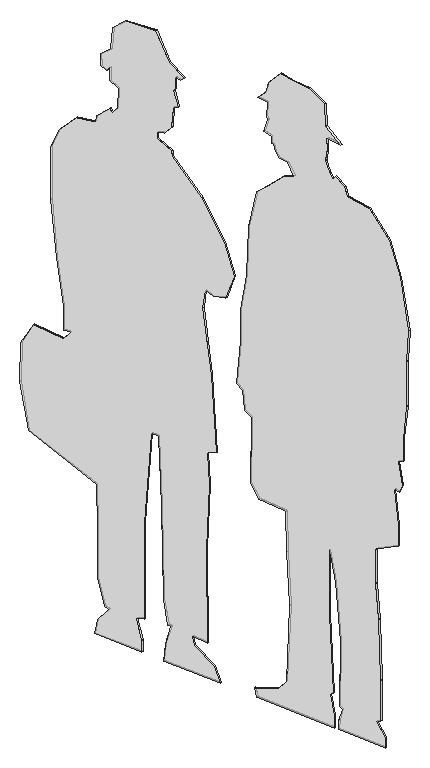
Revit family "Flat Couple 06", category Entourage, Revit 2015
Parameters
  Linework [instance] = yes
  Height = 0 mm
  Flat Material [instance] = none
Reference planes
  plane 1 "Center (Front/Back)": y = 0
  plane 2: z = 0
  plane 3 "Center (Left/Right)": x = 0
  plane 4: z = 1600
Forms (mm)
  Extrusion 1, solid, material <- "Flat Material"
    sketch origin (0, 0, 0) x (1, 0, 0) y (0, 0, 1)
      loop
        line (-751.492, 509.078) -> (-532.378, 432.292) -> (-529.071, 306.695) -> (-529.071, 164.031) -> (-505.833, 91.04) -> (-492.707, 87.542) -> (-529.071, 44.591) -> (-539.03, 0) -> (-386.323, 0) -> (-386.323, 34.638) -> (-403.08, 91.576) -> (-379.684, 97.675) -> (-379.684, 373.05) -> (-356.604, 639.965) -> (-332.836, 640.731) -> (-323.249, 442.723) -> (-316.609, 177.302) -> (-303.331, 107.629) -> (-293.533, 107.113) -> (-309.97, 54.545) -> (-316.609, 0) -> (-134.025, 0) -> (-153.944, 41.273) -> (-217.018, 81.087) -> (-224.488, 103.481) -> (-177.182, 100.993) -> (-180.501, 369.732) -> (-170.542, 558.845) -> (-177.337, 647.122) -> (-147.304, 658.378) -> (-163.903, 874.033) -> (-190.461, 1059.828) -> (-184.02, 1111.316) -> (-157.263, 1102.959) -> (-117.427, 1112.912) -> (-90.869, 1185.903) -> (-120.747, 1272.165) -> (-193.674, 1374.978) -> (-288.732, 1459.801) -> (-290.529, 1475.368) -> (-336.148, 1496.316) -> (-336.053, 1513.544) -> (-313.29, 1517.68) -> (-290.052, 1544.222) -> (-286.457, 1601.71) -> (-270.133, 1607.26) -> (-283.623, 1651.075) -> (-277.947, 1656.752) -> (-280.119, 1690.618) -> (-262.72, 1688.442) -> (-251.341, 1698.779) -> (-297.888, 1726.691) -> (-341.331, 1804.223) -> (-437.527, 1798.02) -> (-479.936, 1763.906) -> (-486.142, 1699.813) -> (-519.242, 1673.969) -> (-518.207, 1639.855) -> (-500.623, 1631.585) -> (-489.235, 1644.967) -> (-489.235, 1607.26) -> (-462.677, 1593.988) -> (-465.997, 1537.586) -> (-481.443, 1518.289) -> (-489.235, 1527.633) -> (-532.391, 1491.138) -> (-535.711, 1474.549) -> (-595.465, 1464.595) -> (-651.9, 1411.511) -> (-678.458, 1351.791) -> (-678.458, 1199.174) -> (-661.86, 1039.921) -> (-638.621, 907.211) -> (-638.621, 837.538) -> (-615.384, 840.855) -> (-637.399, 814.453) -> (-734.893, 820.949) -> (-774.73, 754.593) -> (-778.049, 641.789) -> (-751.492, 509.078)
      loop
        line (16.747, 1723.905) -> (11.828, 1680.64) -> (17.807, 1674.665) -> (4.853, 1634.83) -> (27.772, 1628.855) -> (29.765, 1608.937) -> (35.245, 1608.937) -> (40.726, 1589.02) -> (53.679, 1575.078) -> (81.58, 1572.09) -> (100.73, 1539.857) -> (68.477, 1527.633) -> (18.681, 1484.502) -> (-17.835, 1454.642) -> (-44.393, 1345.156) -> (-51.033, 1202.492) -> (-70.951, 1096.323) -> (-70.951, 1006.744) -> (-84.23, 880.668) -> (-63.913, 867.132) -> (-57.672, 810.995) -> (-34.571, 799.452) -> (-37.754, 608.611) -> (-11.196, 572.116) -> (75.117, 568.798) -> (78.436, 452.677) -> (88.395, 303.377) -> (77.911, 79.846) -> (51.879, 51.227) -> (-24.475, 28.002) -> (-17.835, 0) -> (231.143, 0) -> (231.143, 36.442) -> (218.56, 92.625) -> (227.823, 97.675) -> (214.545, 319.966) -> (214.545, 506.364) -> (234.463, 419.499) -> (251.062, 256.928) -> (247.741, 67.815) -> (257.358, 63.697) -> (245.816, 28.472) -> (244.422, 0) -> (393.809, 0) -> (393.809, 31.32) -> (366.483, 67.354) -> (380.53, 71.133) -> (380.53, 190.573) -> (373.891, 363.097) -> (363.932, 462.63) -> (363.827, 560.533) -> (436.965, 595.341) -> (436.965, 655.06) -> (422.483, 752.758) -> (440.285, 751.276) -> (450.367, 773.948) -> (435.928, 838.885) -> (453.564, 844.173) -> (453.564, 907.211) -> (463.523, 1006.744) -> (463.523, 1136.137) -> (470.162, 1225.716) -> (443.605, 1368.38) -> (407.088, 1464.595) -> (344.013, 1534.269) -> (272.287, 1543.619) -> (264.34, 1567.446) -> (234.463, 1587.353) -> (225.497, 1578.919) -> (207.768, 1605.496) -> (204.144, 1622.88) -> (208.13, 1656.739) -> (207.224, 1687.521) -> (251.974, 1681.636) -> (204.144, 1720.475) -> (200.158, 1783.215) -> (151.332, 1811.099) -> (99.517, 1814.087) -> (58.662, 1821.058) -> (19.8, 1781.223) -> (9.835, 1748.359) -> (-17.069, 1724.459) -> (16.747, 1723.905)
    from -2.5 to 2.5
Lines and regions (mm)
  model lines
    curve 1: line (0, 150, 0) -> (0, -150, 0)
    curve 2: line (-150, 0, 0) -> (150, 0, 0)
Dimensions and locks
  aligned and locked: level to plane 2
